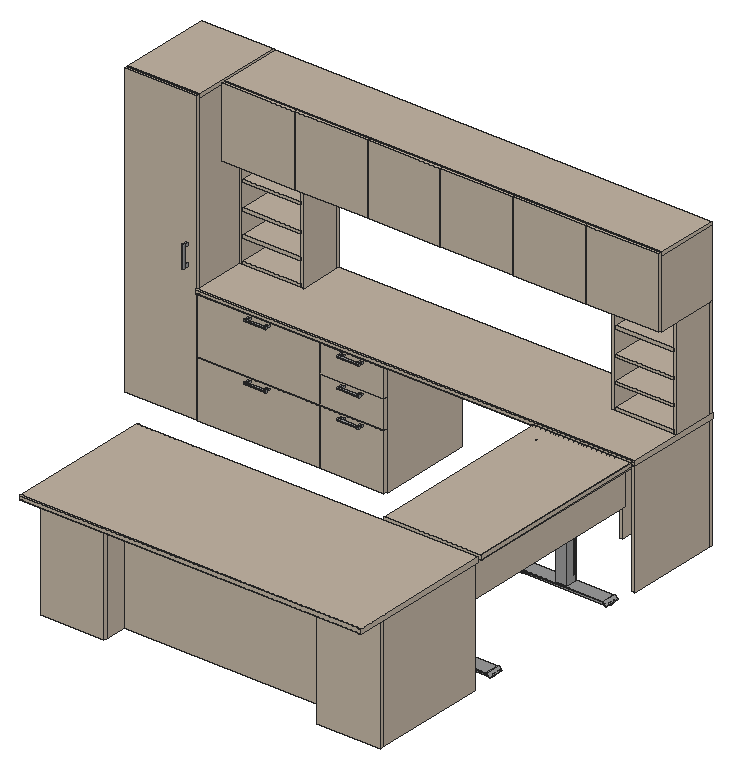
Revit family "JSI-Vision-Typical_Laminate-VST106", category Furniture, Revit 2020 (continued)
Definition of nested family "JSI-Vision-Wardrobe"
  Definition of nested family "Label 1-16 OH"
    Text (in)
      label "XX" at (0.00051, -0.12324, 0), shows "Model Name"
Definition of nested family "JSI-Vision-Modular_Lateral_File_Pedestal"
  Parameters (values of type "Modular Lat F Ped - Type Catalog Family")
    URL = "www.jsifurniture.com"
    Tag = "Lat File"
    Series = "Vision Casegoods"  # constant formula
    Pull Finish = none
    Ped Width = 30"
    Ped Height = 28"
    Model = "Type Catalog"
    Manufacturer = "JSI"  # constant formula
    Keynote = "12500"  # constant formula
    JSI Enviromental website = "http://www.jsifurniture.com/jsi_sustainability_intro.php"
    Description = "Type Catalog"
    Default Elevation = 0"
    Chassis = none
    Ped Depth = 20"
    Grommet Finish = none
    Drawer Front = none
    Assembly Code = "E2020200"
  Reference planes (in)
    plane 1 "Center Front/Back": y = 0
    plane 2: z = 0
    plane 3 "Center Left/Right": x = 0
    plane 4: x = 0.125
    plane 5: x = 30.125
    plane 6: x = 30.25
    plane 7: y = -18.9795
    plane 8: y = -0.1875
    plane 9: y = -19.1095
    plane 10: x = 0.18716
    plane 11: x = 30.06243
    plane 12: y = -19.8595
    plane 13: z = 0.125
    plane 14: z = 13.9375
    plane 15: z = 14.0625
    plane 16: z = 27.8755
    plane 17: z = 28
    plane 18: x = 0.875
    plane 19: x = 29.376
    plane 20: y = -0.9375
    plane 21: y = -18.23863
    plane 22: z = 13.18724
    plane 23: z = 27.12492
    plane 24: z = 26.5625
    plane 25: x = 15.125
    plane 26: y = -20
    plane 27: y = -9.80266
    plane 28: y = -14.80266
    plane 29: z = 27.1875
  Forms (in)
    Extrusion 1, solid, material <- "Chassis"
      sketch origin (0.125, -0.1875, 48) x (0, 1, 0) y (0, 0, 1)
        loop
          line (0, -20) -> (-18.792, -20) -> (-18.792, -48) -> (0, -48) -> (0, -20)
      from 0 to 0.75
    Extrusion 2, solid, material <- "Chassis"
      sketch origin (30.125, -0.1875, 48) x (0, 1, 0) y (0, 0, 1)
        loop
          line (0, -20) -> (-18.792, -20) -> (-18.792, -48) -> (0, -48) -> (0, -20)
      from -0.749 to 0
    Extrusion 3, solid, material <- "Drawer Front"
      sketch origin (0, 0, 0) x (1, 0, 0) y (0, 0, 1)
        loop
          line (0.18716, 27.8755) -> (0.18716, 14.0625) -> (30.06243, 14.0625) -> (30.06243, 27.8755) -> (0.18716, 27.8755)
        loop
          line (0.18716, 13.9375) -> (0.18716, 0.125) -> (30.06243, 0.125) -> (30.06243, 13.9375) -> (0.18716, 13.9375)
      from 19.1095 to 19.8595
    Extrusion 4, solid, material <- "Chassis"
      sketch origin (0, 0, 0) x (1, 0, 0) y (0, 1, 0)
        loop
          line (0.875, -18.9795) -> (29.376, -18.9795) -> (29.376, -15.9795) -> (0.875, -15.9795) -> (0.875, -18.9795)
      from 0 to 1.1875
    Extrusion 5, solid, material <- "Chassis"
      sketch origin (0, 0, 0) x (0, 1, 0) y (0, 0, 1)
        loop
          line (-9.80266, 27.1875) -> (-9.80266, 27.8755) -> (-14.80266, 27.8755) -> (-14.80266, 27.1875) -> (-9.80266, 27.1875)
      from 0.875 to 29.376
    Extrusion 6, solid, material <- "Chassis"
      sketch origin (0, 0, 0) x (0, 1, 0) y (0, 0, 1)
        loop
          line (-0.1875, 28) -> (-0.6875, 28) -> (-0.6875, 23) -> (-0.1875, 23) -> (-0.1875, 28)
        loop
          line (-0.6875, 0) -> (-0.1875, 0) -> (-0.1875, 5) -> (-0.6875, 5) -> (-0.6875, 0)
      from 0.875 to 29.376
  Lines and regions (in)
    symbolic lines
      curve 1: line (0.125, -18.9795, 0) -> (0.125, -0.1875, 0)
      curve 2: line (30.125, -0.1875, 0) -> (30.125, -18.9795, 0)
      curve 3: line (0.18716, -19.1095, 0) -> (30.06243, -19.1095, 0)
      curve 4: line (0.18716, -19.8595, 0) -> (0.18716, -19.1095, 0)
      curve 5: line (30.06243, -19.8595, 0) -> (0.18716, -19.8595, 0)
      curve 6: line (30.06243, -19.1095, 0) -> (30.06243, -19.8595, 0)
      curve 7: line (0.875, -0.9375, 0) -> (0.875, -18.9795, 0)
      curve 8: line (0.125, -18.9795, 0) -> (0.875, -18.9795, 0)
      curve 9: line (29.376, -0.1875, 0) -> (29.376, -18.9795, 0)
      curve 10: line (29.376, -18.9795, 0) -> (30.125, -18.9795, 0)
      curve 11: line (0.125, -0.1875, 0) -> (0.875, -0.1875, 0)
      curve 12: line (29.376, -0.1875, 0) -> (30.125, -0.1875, 0)
      curve 13: line (29.376, -0.1875, 0) -> (0.875, -0.1875, 0)
      curve 14: line (0.875, -0.6875, 0) -> (29.376, -0.6875, 0)
  Dimensions and locks (in)
    plane 3 "Center Left/Right" to plane 4 = 1/8"
    locked: plane 5 to plane 6 at 0.125
    "Ped Width": plane 4 to plane 5
    locked: plane 1 "Center Front/Back" to plane 8 at 0.1875
    "Ped Height": plane 17 to level
    locked: plane 8 to plane 20 at 0.75
    plane 21 to plane 7 to plane 9 to plane 12 = 0.74087" locked, 0.13" locked, 3/4" locked
    plane 4 to plane 10 to plane 18 = 0.06216" locked, 0.68784" locked
    plane 19 to plane 11 to plane 5 = 0.68644" locked, 0.06257" locked
    locked: plane 17 to plane 24 at 1.4375
    plane 3 "Center Left/Right" to plane 25 to plane 6 = 15 1/8", 15 1/8"
    "Ped Depth": plane 26 to plane 1 "Center Front/Back"
    locked: plane 12 to plane 26 at 0.1405
    plane 27 to plane 28 to plane 26 = 5" locked, 5.19734" locked
    locked: plane 2 to Extrusion 6 sketch curve at 5
    locked: plane 8 to Extrusion 6 sketch curve at 0.5  (x2)
    locked: plane 17 to Extrusion 6 sketch curve at 5
    plane 17 to plane 23 to plane 15 to plane 14 to plane 22 to plane 13 to plane 2 = 0.87508" locked, 13.06242" locked, 1/8" locked, 0.75026" locked, 13.06224" locked, 1/8" locked
    locked: Extrusion 4 sketch curve to plane 7 at 3
    aligned and locked: level to plane 2
    aligned and locked: Extrusion 1 sketch curve to plane 7
    aligned and locked: Extrusion 1 sketch curve to level
    aligned and locked: Extrusion 2 sketch curve to plane 17
    aligned and locked: level to Extrusion 2 sketch curve
    aligned and locked: plane 7 to Extrusion 2 sketch curve
    aligned and locked: Extrusion 3 sketch curve to plane 16
    aligned and locked: Extrusion 3 sketch curve to plane 10  (x2)
    aligned and locked: plane 11 to Extrusion 3 sketch curve  (x2)
    aligned and locked: plane 15 to Extrusion 3 sketch curve
    aligned and locked: Extrusion 3 sketch curve to plane 14
    aligned and locked: plane 13 to Extrusion 3 sketch curve
    aligned and locked: Extrusion 3 to plane 12
    aligned and locked: plane 9 to Extrusion 3
    aligned and locked: plane 18 to Extrusion 4 sketch curve
    aligned and locked: plane 12 to nested 2
    aligned and locked: plane 12 to nested 1
    aligned and locked: plane 27 to Extrusion 5 sketch curve
    aligned and locked: Extrusion 5 sketch curve to plane 29
    aligned and locked: Extrusion 5 sketch curve to plane 28
    aligned and locked: plane 16 to Extrusion 5 sketch curve
    aligned and locked: Extrusion 5 to plane 18
    aligned and locked: plane 19 to Extrusion 5
    aligned and locked: nested 3 to plane 25
    aligned and locked: nested 3 to plane 26
    aligned and locked: plane 8 to Extrusion 1
    aligned and locked: plane 8 to Extrusion 2
    aligned and locked: curve 11 to plane 8
    aligned and locked: Extrusion 6 sketch curve to plane 8  (x2)
    aligned and locked: Extrusion 6 sketch curve to plane 17
    aligned and locked: plane 2 to Extrusion 6 sketch curve
    aligned and locked: Extrusion 6 to plane 18
    aligned and locked: plane 19 to Extrusion 6
    aligned and locked: curve 13 to Extrusion 6
    aligned and locked: curve 14 to Extrusion 6
    aligned and locked: nested 2 to plane 25
    aligned and locked: nested 1 to plane 25
  Automatic sketch dimensions
    Extrusion 1 sketch curve to plane 17 = 0"
    plane 20 to Extrusion 1 sketch curve = 3/4"
    plane 20 to Extrusion 2 sketch curve = 3/4"
    curve 1 to plane 4 = 0"
    curve 3 to plane 9 = 0"
    curve 3 to plane 10 = 0"
    curve 8 to plane 7 = 0"
    curve 8 to plane 18 = 0"
    curve 11 to plane 18 = 0"
    curve 9 to plane 7 = 0"
    curve 9 to plane 19 = 0"
    curve 3 to plane 11 = 0"
    curve 12 to plane 5 = 0"
    curve 5 to plane 12 = 0"
    curve 7 to plane 20 = 0"
    curve 14 to plane 18 = 0"
    Extrusion 4 sketch curve to plane 7 = 0"
    Extrusion 4 sketch curve to plane 19 = 0"
  Nested families (in)
    nested 1: "Bar Pull" at (15.125, -19.8595, 13.18724) x (-1, 0, 0) z (0, 0, 1), Pull Finish <- "Pull Finish", type "PL"
      with Pull Finish none
    nested 2: "Bar Pull" at (15.125, -19.8595, 27.12492) x (-1, 0, 0) z (0, 0, 1), Pull Finish <- "Pull Finish", type "PL"
      with Pull Finish none
    nested 3: "Label 1-16" at (15.125, -20, 0), type "DRWCFG"
  Definition of nested family "Bar Pull"
    Parameters
      Pull Finish [instance] = none
      Default Elevation = 0"
    Reference planes (in)
      plane 1 "Center Front/Back": y = 0
      plane 2: z = 0
      plane 3 "Center Left/Right": x = 0
      plane 4: x = -2.68731
      plane 5: x = -1.88731
      plane 6: x = 2.68731
      plane 7: x = 1.88731
      plane 8: y = -1
      plane 9: y = -0.85202
    Forms (in)
      Extrusion 1, solid, material <- "Pull Finish"
        sketch origin (0, 0, 0) x (0, 1, 0) y (0, 0, 1)
          loop
            line (0, -0.2015) -> (0, 0.2015) -> (-0.85202, 0.2015)
            arc (-0.85202, 0.2015) -> (-0.75, 0) -> (-0.85202, -0.2015) r 0.25
            line (-0.85202, -0.2015) -> (0, -0.2015)
        from 1.88731 to 2.68731
      Extrusion 2, solid, material <- "Pull Finish"
        sketch origin (0, 0, 0) x (0, 1, 0) y (0, 0, 1)
          loop
            circle (-1, 0) r 0.25
        from -2.68731 to 2.68731
      Extrusion 3, solid, material <- "Pull Finish"
        sketch origin (0, 0, 0) x (0, 1, 0) y (0, 0, -1)
          loop
            line (0, 0.2015) -> (-0.85202, 0.2015)
            arc (-0.85202, 0.2015) -> (-0.75, 0) -> (-0.85202, -0.2015) r 0.25
            line (-0.85202, -0.2015) -> (0, -0.2015) -> (0, 0.2015)
        from 1.88731 to 2.68731
    Dimensions and locks (in)
      plane 4 to plane 5 to plane 3 "Center Left/Right" to plane 7 to plane 6 = 0.8" locked, 1.88731" locked, 1.88731" locked, 0.8" locked
      plane 8 to plane 9 to plane 1 "Center Front/Back" = 0.14798" locked, 0.85202" locked
      aligned and locked: level to plane 2
      aligned and locked: plane 4 to Extrusion 3
      aligned and locked: Extrusion 3 to plane 5
      aligned and locked: plane 4 to Extrusion 2
      aligned and locked: Extrusion 1 to plane 7
      aligned and locked: plane 6 to Extrusion 1
      aligned and locked: plane 6 to Extrusion 2
      aligned and locked: plane 8 to Extrusion 2 sketch curve
      aligned and locked: Extrusion 3 to plane 1 "Center Front/Back"
      aligned and locked: Extrusion 1 to plane 1 "Center Front/Back"
      aligned and locked: plane 5 to Extrusion 3
      aligned and locked: Extrusion 3 to plane 4
      aligned and locked: Extrusion 2 to plane 4
      aligned and locked: plane 7 to Extrusion 1
      aligned and locked: Extrusion 1 to plane 6
      aligned and locked: Extrusion 2 to plane 6
  Definition of nested family "Label 1-16"
    Parameters
      Width = 1"
      Model Name = "2 Drw - 2 Drs"
    Reference planes (in)
      plane 1: y = 0
      plane 2: x = 0
    Text (in)
      label "XX" at (0.00051, -0.12324, 0), shows "Model Name"
Definition of nested family "JSI-Vision-Single_Pedestal_Desk-Break_Front_Modesty"
  Parameters (values of type "Sngl Ped Desk, Brk Frnt Mod - Type Catalog Family")
    Worksurface = none
    Width = 66"
    URL = "www.jsifurniture.com"
    Type Comments = ""
    Series = "Vision Casegoods"  # constant formula
    Pull Finish = none
    Panel BBF = if(LR, 15", Width - 15 3/4")  # 15"
    Model = "Type Catalog"
    Material = ""
    Manufacturer = "JSI"  # constant formula
    LR = yes
    Keynote = "12500"
    JSI Enviromental Website = "http://www.jsifurniture.com/jsi_sustainability_intro.php"
    Height = 29 3/16"
    Grommet angle = if(LR, 90.00°, 270.00°)  # 90.00°
    Grommet Finish = none
    Panel FF = if(LR, Width - 15 3/4", 15")  # 50 1/4"
    Grommet = if(LR, 14 1/2", Width - 15 49/128")  # 14 1/2"
    Drawer Front = none
    Description = "Type Catalog"
    Depth chassis = 30"  # constant formula
    Depth = 30"
    Default Elevation = 0"
    Chassis = none
    BBF = if(LR, 3/16", Width - 15 3/4")  # 3/16"
    Assembly Code = "E2020200"
  Reference planes (in)
    plane 1: z = 0
    plane 2 "Center (Left/Right)": x = -36.06413
    plane 3: z = 29.1875
    plane 4: z = 28
    plane 5: y = -19.25
    plane 6 "Center (Front/Back)": y = 10.75
    plane 7: y = 10.625
    plane 8: y = 10.75
    plane 9: x = -3.06413
    plane 10: x = 29.93587
    plane 11: y = 10.56003
    plane 12: x = -20.31413
    plane 13: x = 14.18587
    plane 14: y = -18.37
    plane 15: x = 21.93587
    plane 16: x = -28.12663
    plane 17: x = 29.81086
    plane 18: x = -35.93913
    plane 19: y = 3.55952
    plane 20: y = -0.44048
    plane 21: y = 4.56363
    plane 22: y = -18.31113
    plane 23: x = 14.18587
    plane 24: x = -35.87663
    plane 25: x = -20.37636
    plane 26: x = 29.68487
    plane 27: x = -21.56413
  Forms (in)
    Extrusion 1, solid, material <- "Worksurface"
      sketch origin (0, 0, -0.8125) x (1, 0, 0) y (0, 1, 0)
        loop
          line (-36.06413, -19.125) -> (29.93587, -19.125) -> (29.93587, 10.625) -> (-36.06413, 10.625) -> (-36.06413, -19.125)
      from 28.8125 to 30
    Extrusion 2, solid, material <- "Chassis"
      sketch origin (0, 3.75, 0) x (1, 0, 0) y (0, 1, 0)
        loop
          line (-20.31413, 0.81363) -> (-20.31413, 0.06363) -> (14.18587, 0.06363) -> (14.18587, 0.81363) -> (-20.31413, 0.81363)
      from 0 to 28
    Extrusion 3, solid, material <- "Drawer Front"
      sketch origin (-0.00163, 0.13, 0) x (1, 0, 0) y (0, 0, 1)
        loop
          line (-35.875, 27.89092) -> (-35.875, 21.04768) -> (-20.37473, 21.04768) -> (-20.37473, 27.89092) -> (-35.875, 27.89092)
        loop
          line (-35.875, 20.92218) -> (-35.875, 14.07843) -> (-20.37473, 14.07843) -> (-20.37473, 20.92218) -> (-35.875, 20.92218)
        loop
          line (-35.875, 13.95343) -> (-35.875, 0.14093) -> (-20.37473, 0.14093) -> (-20.37473, 13.95343) -> (-35.875, 13.95343)
      from 18.5 to 19.25
    Extrusion 4, solid, material <- "Chassis"
      sketch origin (-0.06413, 0, 0) x (0, 1, 0) y (0, 0, 1)
        loop
          line (-18.31113, 28) -> (-18.31113, 0) -> (9.81003, 0) -> (9.81003, 28) -> (-18.31113, 28)
      from -35.875 to -35.125
    Extrusion 5, solid, material <- "Chassis"
      sketch origin (-0.06413, 0.034, 0) x (1, 0, 0) y (0, 0, 1)
        loop
          line (-35.125, 1.9375) -> (-35.125, 0) -> (-21, 0) -> (-21, 1.9375) -> (-35.125, 1.9375)
      from 17.59513 to 18.34513
    Extrusion 6, solid, material <- "Chassis"
      sketch origin (-0.06029, 0, 0) x (0, 1, 0) y (0, 0, -1)
        loop
          line (-18.31113, -28) -> (9.81003, -28) -> (9.81003, 0) -> (-18.31113, 0) -> (-18.31113, -28)
      from -29.87116 to -29.12116
    Sweep 7, solid, material <- "Worksurface"
      path in 3D
        loop
          line (-36.06413, -19.125, 29.1875) -> (29.93587, -19.125, 29.1875)
      profile origin (-3.06413, -19.125, 29.1875) x (0, 1, 0) y (0, 0, 1)
        loop
          arc (0, 0) -> (-0.08839, -0.03661) -> (-0.125, -0.125) r 0.125
          line (-0.125, -0.125) -> (-0.125, -1.0625)
          arc (-0.125, -1.0625) -> (-0.08839, -1.15089) -> (0, -1.1875) r 0.125
          line (0, -1.1875) -> (0, 0)
    Extrusion 8, solid, material <- "Chassis"
      sketch origin (-0.06413, 28.15516, 0) x (1, 0, 0) y (0, 0, 1)
        loop
          line (-35.875, 28) -> (-35.875, 0) -> (-20.25, 0) -> (-20.25, 28) -> (-35.875, 28)
      from 17.59513 to 18.34513
    Extrusion 9, solid, material <- "Chassis"
      sketch origin (57.45899, 0, 0) x (0, 1, 0) y (0, 0, -1)
        loop
          line (-18.31113, -28) -> (9.81003, -28) -> (9.81003, 0) -> (-18.31113, 0) -> (-18.31113, -28)
      from 77.77312 to 78.52312
    Extrusion 10, solid, material <- "Chassis"
      sketch origin (-0.06413, 28.15516, 0) x (-1, 0, 0) y (0, 0, -1)
        loop
          line (-29.875, -28) -> (-14.25, -28) -> (-14.25, 0) -> (-29.875, 0) -> (-29.875, -28)
      from 17.59513 to 18.34513
    Extrusion 11, solid, material <- "Chassis"
      sketch origin (56.05703, 0, 0) x (0, 1, 0) y (0, 0, 1)
        loop
          line (2.81363, 28) -> (2.81363, 0) -> (9.81003, 0) -> (9.81003, 28) -> (2.81363, 28)
      from -41.87116 to -41.12116
    Sweep 12, solid, material <- "Worksurface"
      path in 3D
        loop
          line (29.93587, 10.625, 29.1875) -> (-36.06413, 10.625, 29.1875)
      profile origin (-3.06413, 10.625, 29.1875) x (0, -1, 0) y (0, 0, 1)
        loop
          arc (0, 0) -> (-0.08839, -0.03661) -> (-0.125, -0.125) r 0.125
          line (-0.125, -0.125) -> (-0.125, -1.0625)
          arc (-0.125, -1.0625) -> (-0.08839, -1.15089) -> (0, -1.1875) r 0.125
          line (0, -1.1875) -> (0, 0)
  Cuts and joins
    joined: Extrusion 1, Sweep 7, Sweep 12
  Lines and regions (in)
    sketch lines
      curve 1: line (-36.06413, -19.125, 29.1875) -> (29.93587, -19.125, 29.1875)
      curve 11: line (29.93587, 10.625, 29.1875) -> (-36.06413, 10.625, 29.1875)
    symbolic lines
      curve 2: line (29.93587, -19.25, 0) -> (-36.06413, -19.25, 0)
      curve 3: line (29.93587, -19.25, 0) -> (29.93587, 10.75, 0)
      curve 4: line (-36.06413, 10.75, 0) -> (-36.06413, -19.25, 0)
      curve 5: line (-20.31413, 10.56003, 0) -> (-35.93913, 10.56003, 0)
      curve 6: line (-20.37636, -18.37, 0) -> (-35.87663, -18.37, 0)
      curve 7: line (-20.37636, -19.12, 0) -> (-20.37636, -18.37, 0)
      curve 8: line (-35.87663, -19.12, 0) -> (-20.37636, -19.12, 0)
      curve 9: line (-35.87663, -18.37, 0) -> (-35.87663, -19.12, 0)
      curve 10: line (-35.93913, 10.56003, 0) -> (-35.93913, -18.31113, 0)
      curve 12: line (29.81086, -18.31113, 0) -> (29.81086, 10.56003, 0)
      curve 13: line (29.81086, 10.56003, 0) -> (14.18587, 10.56003, 0)
      curve 14: line (29.06086, -18.31113, 0) -> (29.81086, -18.31113, 0)
      curve 15: line (29.06086, 9.81003, 0) -> (29.06086, -18.31113, 0)
      curve 16: line (14.18587, 9.81003, 0) -> (29.81086, 9.81003, 0)
      curve 17: line (14.18587, 10.56003, 0) -> (14.18587, 9.81003, 0)
      curve 18: line (14.93587, 2.81363, 0) -> (14.93587, 9.81003, 0)
      curve 19: line (14.18587, 9.81003, 0) -> (14.18587, 2.81363, 0)
      curve 20: line (14.18587, 2.81363, 0) -> (14.93587, 2.81363, 0)
      curve 21: line (-35.18913, -18.31113, 0) -> (-35.18913, 9.81003, 0)
      curve 22: line (-35.93913, -18.31113, 0) -> (-35.18913, -18.31113, 0)
      curve 23: line (-35.93913, 9.81003, 0) -> (-20.31413, 9.81003, 0)
      curve 24: line (-20.31413, 9.81003, 0) -> (-20.31413, 10.56003, 0)
      curve 25: line (-36.06413, 10.75, 0) -> (29.93587, 10.75, 0)
      curve 26: line (-21.06413, 9.81003, 0) -> (-21.06413, -18.31113, 0)
      curve 27: line (-20.31413, -18.31113, 0) -> (-20.31413, 9.81003, 0)
      curve 28: line (-21.06413, -18.31113, 0) -> (-20.31413, -18.31113, 0)
      curve 29: line (14.18587, 4.56363, 0) -> (-20.31413, 4.56363, 0)
      curve 30: line (-20.31413, 3.81363, 0) -> (14.18587, 3.81363, 0)
      curve 31: line (-20.31413, 4.56363, 0) -> (-20.31413, 3.81363, 0)
      curve 32: line (14.18587, 3.81363, 0) -> (14.18587, 4.56363, 0)
  Dimensions and locks (in)
    "Height": plane 3 to level
    locked: plane 3 to plane 4 at 1.1875
    "Depth": plane 6 "Center (Front/Back)" to plane 5
    locked: plane 7 to plane 6 "Center (Front/Back)" at 0.125
    equal spacing: plane 2 "Center (Left/Right)", plane 9, plane 10
    "Width": plane 2 "Center (Left/Right)" to plane 10
    locked: plane 8 to plane 11 at 0.18997
    "Depth chassis": plane 8 to plane 5
    locked: plane 2 "Center (Left/Right)" to plane 12 at 15.75
    locked: plane 13 to plane 10 at 15.75
    locked: Extrusion 5 to plane 14 at 0.80887
    locked: plane 14 to plane 5 at 0.88
    locked: plane 17 to plane 10 at 0.125
    locked: Extrusion 6 to Extrusion 6 at 0.75
    locked: Extrusion 4 to Extrusion 4 at 0.75
    locked: plane 19 to plane 20 at 4
    locked: Extrusion 2 to Extrusion 2 at 0.75
    plane 22 to plane 5 = 0.93887"
    plane 8 to plane 21 = 6.18637"
    "Panel FF": plane 2 "Center (Left/Right)" to plane 23
    locked: plane 23 to plane 15 at 7.75
    "BBF": plane 2 "Center (Left/Right)" to plane 24
    locked: Extrusion 5 to Extrusion 5 at 0.75
    locked: plane 24 to plane 16 at 7.75
    locked: Extrusion 3 to Extrusion 3 at 0.75
    locked: plane 8 to plane 20 at 11.19048
    locked: Extrusion 8 to Extrusion 8 at 0.75
    Extrusion 9 to Extrusion 9 = 3/4"
    locked: Extrusion 10 to Extrusion 10 at 0.75
    locked: plane 24 to plane 25 at 15.50027
    locked: plane 23 to plane 26 at 15.499
    locked: Extrusion 11 to plane 21 at 1.75
    plane 24 to Extrusion 5 to Extrusion 5 = 11/16" locked, 14 1/8" locked
    "Panel FF": plane 2 "Center (Left/Right)" to Extrusion 11
    "Panel BBF": plane 2 "Center (Left/Right)" to Extrusion 9
    locked: Extrusion 9 to Extrusion 9 at 0.75
    "Grommet": plane 2 "Center (Left/Right)" to plane 27
    locked: Extrusion 11 to Extrusion 11 at 0.75
    plane 19 to plane 20 = 4"
    aligned and locked: level to plane 1
    aligned and locked: curve 4 to Extrusion 1
    aligned and locked: Extrusion 4 to Extrusion 5
    aligned and locked: Extrusion 5 to Extrusion 2
    aligned and locked: Extrusion 2 to Extrusion 6
    aligned and locked: plane 17 to Extrusion 6
    aligned and locked: Extrusion 4 to plane 18
    aligned and locked: plane 21 to Extrusion 2
    aligned and locked: plane 14 to Extrusion 3
    aligned and locked: Extrusion 6 to plane 22
    aligned and locked: Extrusion 5 to plane 22
    aligned and locked: Extrusion 4 to plane 22
    aligned and locked: Extrusion 5 to level
    aligned and locked: nested 3 to plane 16
    aligned and locked: nested 2 to plane 16
    aligned and locked: nested 1 to plane 16
    aligned and locked: Extrusion 3 to nested 3
    aligned and locked: Extrusion 3 to nested 2
    aligned and locked: Extrusion 3 to nested 1
    aligned and locked: Extrusion 3 to plane 24  (x3)
    aligned and locked: Extrusion 8 to plane 12
    aligned and locked: plane 4 to Extrusion 8
    aligned and locked: Extrusion 8 to plane 18
    aligned and locked: plane 18 to Extrusion 4
    aligned and locked: plane 11 to Extrusion 8
    aligned and locked: plane 22 to Extrusion 5
    aligned and locked: Extrusion 9 to plane 22
    aligned and locked: plane 12 to Extrusion 2
    aligned and locked: plane 13 to Extrusion 2
    aligned and locked: Extrusion 10 to plane 13
    aligned and locked: plane 17 to Extrusion 10
    aligned and locked: Extrusion 6 to plane 17
    aligned and locked: plane 25 to Extrusion 3  (x3)
    aligned and locked: curve 5 to Extrusion 8
    aligned and locked: curve 6 to Extrusion 3
    aligned and locked: curve 7 to Extrusion 3
    aligned and locked: curve 8 to Extrusion 3
    aligned and locked: curve 9 to Extrusion 3
    aligned and locked: curve 10 to Extrusion 4
    aligned and locked: Extrusion 1 to plane 7
    aligned and locked: plane 11 to Extrusion 10
    aligned and locked: Extrusion 6 to curve 12
    aligned and locked: curve 13 to Extrusion 10
    aligned and locked: curve 14 to Extrusion 6
    aligned and locked: Extrusion 6 to curve 15
    aligned and locked: curve 16 to Extrusion 10
    aligned and locked: curve 17 to Extrusion 10
    aligned and locked: curve 18 to Extrusion 11
    aligned and locked: curve 19 to Extrusion 11
    aligned and locked: curve 20 to Extrusion 11
    aligned and locked: curve 21 to Extrusion 4
    aligned and locked: Extrusion 4 to curve 22
    aligned and locked: curve 23 to Extrusion 8
    aligned and locked: curve 24 to Extrusion 8
    aligned and locked: curve 4 to cut or joined group of Extrusion 1, Sweep 7, Sweep 12
    aligned and locked: curve 3 to cut or joined group of Extrusion 1, Sweep 7, Sweep 12
    aligned and locked: curve 25 to cut or joined group of Extrusion 1, Sweep 7, Sweep 12
    aligned and locked: Extrusion 9 to curve 26
    aligned and locked: curve 27 to Extrusion 9
    aligned and locked: curve 28 to Extrusion 9
    aligned and locked: nested 4 to plane 5
    aligned and locked: nested 4 to plane 16
    aligned and locked: curve 29 to Extrusion 2
    aligned and locked: curve 30 to Extrusion 2
    aligned and locked: curve 31 to Extrusion 2
    aligned and locked: curve 32 to Extrusion 2
    aligned and locked: Extrusion 4 to Extrusion 8
    aligned and locked: Extrusion 6 to Extrusion 8
    aligned and locked: Extrusion 9 to Extrusion 8
  Automatic sketch dimensions
    curve 23 to plane 18 = 0"
    curve 6 to plane 14 = 0"
    curve 6 to plane 24 = 0"
    curve 22 to plane 22 = 0"
    curve 26 to plane 22 = 0"
    curve 7 to plane 25 = 0"
    curve 5 to plane 11 = 0"
    curve 5 to plane 12 = 0"
    curve 31 to plane 12 = 0"
    curve 19 to plane 23 = 0"
    curve 13 to plane 11 = 0"
    curve 13 to plane 13 = 0"
    curve 32 to plane 13 = 0"
    curve 15 to plane 22 = 0"
    curve 14 to plane 17 = 0"
    curve 2 to plane 5 = 0"
    curve 31 to plane 21 = 0"
    plane 24 to curve 22 = 11/16"
    curve 26 to plane 27 = 1/2"
    plane 12 to curve 28 = 0"
    plane 13 to curve 18 = 3/4"
    curve 15 to plane 26 = 0.624"
    plane 5 to curve 8 = 0.13"
    curve 20 to plane 19 = 0.7459"
    plane 19 to curve 30 = 0.2541"
    curve 17 to plane 11 = 3/4"
    curve 27 to curve 23 = 0"
    Extrusion 1 sketch curve to plane 2 "Center (Left/Right)" = 0"
    Extrusion 1 sketch curve to plane 10 = 0"
    plane 7 to Extrusion 1 sketch curve = 0"
    plane 5 to Extrusion 1 sketch curve = 1/8"
    Extrusion 2 sketch curve to plane 12 = 0"
    Extrusion 2 sketch curve to plane 13 = 0"
    Extrusion 2 sketch curve to plane 21 = 0"
    plane 19 to Extrusion 2 sketch curve = 0.2541"
    Extrusion 3 sketch curve to plane 24 = 0"  (x3)
    Extrusion 3 sketch curve to plane 25 = 0"  (x3)
    level to Extrusion 3 sketch curve = 0.14093"
    Extrusion 3 sketch curve to Extrusion 3 sketch curve = 13 13/16"
    Extrusion 3 sketch curve to Extrusion 3 sketch curve = 1/8"
    Extrusion 3 sketch curve to Extrusion 3 sketch curve = 6 27/32"
    Extrusion 3 sketch curve to Extrusion 3 sketch curve = 0.1255"
    Extrusion 3 sketch curve to plane 4 = 0.10907"
    Extrusion 4 sketch curve to plane 4 = 0"
    Extrusion 4 sketch curve to plane 22 = 0"
    Extrusion 4 sketch curve to level = 0"
    Extrusion 4 sketch curve to plane 11 = 3/4"
    Extrusion 5 sketch curve to level = 0"
    plane 24 to Extrusion 5 sketch curve = 11/16"
    Extrusion 5 sketch curve to plane 27 = 1/2"
    level to Extrusion 5 sketch curve = 1 15/16"
    Extrusion 6 sketch curve to plane 4 = 0"
    Extrusion 6 sketch curve to plane 22 = 0"
    Extrusion 6 sketch curve to level = 0"
    Extrusion 6 sketch curve to plane 11 = 3/4"
    Sweep 7 sketch curve to profile plane = 0"  (x2)
    profile plane to Sweep 7 sketch curve = 1/8"
    Sweep 7 sketch curve to Sweep 7 sketch curve = 15/16"
    Extrusion 8 sketch curve to level = 0"
    plane 18 to Extrusion 8 sketch curve = 0"
    plane 12 to Extrusion 8 sketch curve = 0"
    Extrusion 8 sketch curve to plane 4 = 0"
    Extrusion 9 sketch curve to plane 4 = 0"
    Extrusion 9 sketch curve to plane 22 = 0"
    Extrusion 9 sketch curve to level = 0"
    Extrusion 9 sketch curve to plane 11 = 3/4"
    Extrusion 10 sketch curve to level = 0"
    Extrusion 10 sketch curve to plane 17 = 0"
    Extrusion 10 sketch curve to plane 13 = 0"
    Extrusion 10 sketch curve to plane 4 = 0"
    Extrusion 11 sketch curve to plane 4 = 0"
    Extrusion 11 sketch curve to level = 0"
    Extrusion 11 sketch curve to plane 19 = 0.7459"
    Extrusion 11 sketch curve to plane 11 = 3/4"
    Sweep 12 sketch curve to profile plane = 0"  (x2)
    profile plane to Sweep 12 sketch curve = 1/8"
    Sweep 12 sketch curve to Sweep 12 sketch curve = 15/16"
  Nested families (in)
    nested 1: "Bar Pull" at (-28.12663, -19.12, 13.20292), Pull Finish <- "Pull Finish", type "PL"
      with Pull Finish none
    nested 2: "Bar Pull" at (-28.12663, -19.12, 20.171), Pull Finish <- "Pull Finish", type "PL"
      with Pull Finish none
    nested 3: "Bar Pull" at (-28.12663, -19.12, 27.14116), Pull Finish <- "Pull Finish", type "PL"
      with Pull Finish none
    nested 4: "Label 1-16-1" at (-28.12663, -19.25, 0), type "DRWCFG"
  Definition of nested family "Bar Pull"
    Parameters
      Pull Finish [instance] = none
      Default Elevation = 0"
    Reference planes (in)
      plane 1 "Center Front/Back": y = 0
      plane 2: z = 0
      plane 3 "Center Left/Right": x = 0
      plane 4: x = -2.68731
      plane 5: x = -1.88731
      plane 6: x = 2.68731
      plane 7: x = 1.88731
      plane 8: y = -1
      plane 9: y = -0.85202
    Forms (in)
      Extrusion 1, solid, material <- "Pull Finish"
        sketch origin (0, 0, 0) x (0, 1, 0) y (0, 0, 1)
          loop
            line (0, -0.2015) -> (0, 0.2015) -> (-0.85202, 0.2015)
            arc (-0.85202, 0.2015) -> (-0.75, 0) -> (-0.85202, -0.2015) r 0.25
            line (-0.85202, -0.2015) -> (0, -0.2015)
        from 1.88731 to 2.68731
      Extrusion 2, solid, material <- "Pull Finish"
        sketch origin (0, 0, 0) x (0, 1, 0) y (0, 0, 1)
          loop
            circle (-1, 0) r 0.25
        from -2.68731 to 2.68731
      Extrusion 3, solid, material <- "Pull Finish"
        sketch origin (0, 0, 0) x (0, 1, 0) y (0, 0, -1)
          loop
            line (0, 0.2015) -> (-0.85202, 0.2015)
            arc (-0.85202, 0.2015) -> (-0.75, 0) -> (-0.85202, -0.2015) r 0.25
            line (-0.85202, -0.2015) -> (0, -0.2015) -> (0, 0.2015)
        from 1.88731 to 2.68731
    Dimensions and locks (in)
      plane 4 to plane 5 to plane 3 "Center Left/Right" to plane 7 to plane 6 = 0.8" locked, 1.88731" locked, 1.88731" locked, 0.8" locked
      plane 8 to plane 9 to plane 1 "Center Front/Back" = 0.14798" locked, 0.85202" locked
      aligned and locked: level to plane 2
      aligned and locked: plane 4 to Extrusion 3
      aligned and locked: Extrusion 3 to plane 5
      aligned and locked: plane 4 to Extrusion 2
      aligned and locked: Extrusion 1 to plane 7
      aligned and locked: plane 6 to Extrusion 1
      aligned and locked: plane 6 to Extrusion 2
      aligned and locked: plane 8 to Extrusion 2 sketch curve
      aligned and locked: Extrusion 3 to plane 1 "Center Front/Back"
      aligned and locked: Extrusion 1 to plane 1 "Center Front/Back"
      aligned and locked: plane 5 to Extrusion 3
      aligned and locked: Extrusion 3 to plane 4
      aligned and locked: Extrusion 2 to plane 4
      aligned and locked: plane 7 to Extrusion 1
      aligned and locked: Extrusion 1 to plane 6
      aligned and locked: Extrusion 2 to plane 6
  Definition of nested family "Label 1-16-1"
    Parameters
      Width = 1"
      Model Name = "BBF"
    Reference planes (in)
      plane 1: y = 0
      plane 2: x = 0
    Text (in)
      label "XX" at (0.00051, -0.12324, 0), shows "Model Name"
Definition of nested family "JSI-Vision-Adjustable_Table_Height_Bridge-Standard_Range"
  Parameters (values of type "VST2446AHB-S - Adjustable Height Table Standard Range 46"W x 24"D")
    Width = 46"
    Upper Leg Finish = none
    URL = "www.jsifurniture.com"
    Type Comments = ""
    Top Finish = none
    Support Finish = none
    Series = "Vision Casegoods"  # constant formula
    Low Leg Finish = none
    Model = "VST2446AHB-S"
    Material = ""
    Manufacturer = "JSI"  # constant formula
    Keynote = "12500"  # constant formula
    JSI Enviromental Website = "http://www.jsifurniture.com/jsi_sustainability_intro.php"
    Height = 29 3/16"
    Glide Finish = none
    Feet Finish = none
    Description = "Adjustable Height Table Desk / Bridge Standard Range Laminate, 24”D x 46”W x  30”H"
    Depth = 24"
    Default Elevation = 0"
    Assembly Code = "E2020200"
    Adj Post Finish = none
  Types (2): name | Model | Description
    VST2446AHB-S - Adjustable Height Table Standard Range 46"W x 24"D | "VST2446AHB-S" | "Adjustable Height Table Desk / Bridge Standard Range Laminate, 24”D x 46”W x  30”H"
    VSV2446AHB-S - Adjustable Height Table Standard Range 46"W x 24"D | "VSV2446AHB-S" | "Adjustable Height Table Desk / Bridge Standard Range Veneer, 24”D x 46”W x 30”H"
  Reference planes (in)
    plane 1 "Center Front/Back": y = 0
    plane 2: z = 0
    plane 3 "Center Left/Right": x = 0
    plane 4: z = 29.1875
    plane 5: z = 28
    plane 6: x = 46
    plane 7: y = -24
    plane 8: y = -12
  Forms (in)
    Extrusion 1, solid, material <- "Top Finish"
      sketch origin (0, 0, 0) x (0, 1, 0) y (0, 0, 1)
        loop
          arc (-23.88189, 29.1875) -> (-23.96256, 29.15006) -> (-24, 29.06939) r 0.12937
          line (-24, 29.06939) -> (-24, 28.11811)
          arc (-24, 28.11811) -> (-23.96256, 28.03744) -> (-23.88189, 28) r 0.12937
          line (-23.88189, 28) -> (-23.72106, 28) -> (-0.27894, 28) -> (-0.11811, 28)
          arc (-0.11811, 28) -> (-0.03744, 28.03744) -> (0, 28.11811) r 0.12937
          line (0, 28.11811) -> (0, 29.06939)
          arc (0, 29.06939) -> (-0.03744, 29.15006) -> (-0.11811, 29.1875) r 0.12937
          line (-0.11811, 29.1875) -> (-23.88189, 29.1875)
      from 0 to 46
  Lines and regions (in)
    symbolic lines
      curve 1: line (0, 0, 0) -> (46, 0, 0)
      curve 2: line (0, -24, 0) -> (0, 0, 0)
      curve 3: line (46, -24, 0) -> (0, -24, 0)
      curve 4: line (46, 0, 0) -> (46, -24, 0)
  Dimensions and locks (in)
    "Height": plane 4 to level
    locked: plane 4 to plane 5 at 1.1875
    "Width": plane 3 "Center Left/Right" to plane 6
    "Depth": plane 1 "Center Front/Back" to plane 7
    equal spacing: plane 1 "Center Front/Back", plane 8, plane 7
    aligned and locked: level to plane 2
    aligned and locked: plane 4 to Extrusion 1 sketch curve
    aligned and locked: Extrusion 1 sketch curve to plane 5
    aligned and locked: Extrusion 1 sketch curve to plane 1 "Center Front/Back"
    aligned and locked: Extrusion 1 sketch curve to plane 7
    aligned and locked: Extrusion 1 to plane 3 "Center Left/Right"
    aligned and locked: Extrusion 1 to plane 6
    aligned and locked: plane 7 to curve 3
    aligned and locked: plane 1 "Center Front/Back" to curve 1
    aligned and locked: plane 3 "Center Left/Right" to curve 2
    aligned and locked: plane 6 to curve 4
    aligned and locked: plane 3 "Center Left/Right" to nested 1
    aligned and locked: nested 1 to plane 8
  Automatic sketch dimensions
    plane 7 to Extrusion 1 sketch curve = 0.11811"  (x2)
    Extrusion 1 sketch curve to plane 5 = 0"  (x2)
    plane 7 to Extrusion 1 sketch curve = 33/256"  (x2)
    Extrusion 1 sketch curve to Extrusion 1 sketch curve = 0.16082"
    plane 1 "Center Front/Back" to Extrusion 1 sketch curve = 0.27894"
    plane 1 "Center Front/Back" to Extrusion 1 sketch curve = 33/256"  (x2)
    plane 1 "Center Front/Back" to Extrusion 1 sketch curve = 0.11811"  (x2)
    plane 5 to Extrusion 1 sketch curve = 0.11811"  (x2)
    Extrusion 1 sketch curve to plane 4 = 33/256"  (x2)
  Nested families (in)
    nested 1: "Adj Base Bridge Desk" at (0, -12, 0), W Top <- "Width", Height <- "Height", Adj Post Finish <- "Adj Post Finish", Feet Finish <- "Feet Finish", Glide Finish <- "Glide Finish", Low Leg Finish <- "Low Leg Finish", Support Finish <- "Support Finish", Upper Leg Finish <- "Upper Leg Finish", type "Adj Base Bridge Desk"
      with W Top 46", Upper Leg Finish none, Support Finish none, Low Leg Finish none, Height 29 3/16", Glide Finish none, Feet Finish none, Adj Post Finish none
  Definition of nested family "Adj Base Bridge Desk"
    Parameters (values of type "Adj Base Bridge Desk")
      W Top [instance] = 46"
      Upper Leg Finish [instance] = none
      Support Finish [instance] = none
      Low Leg Finish [instance] = none
      Height [instance] = 30"
      Glide Finish [instance] = none
      Feet Finish [instance] = none
      Default Elevation = 0"
      Adj Post Finish [instance] = none
    Reference planes (in)
      plane 1 "Center (Front/Back)": y = 0
      plane 2: z = 0
      plane 3 "Center (Left/Right)": x = 0
      plane 4: z = 30
      plane 5: x = 46
      plane 6: z = 28.8125
      plane 7: x = 5.09647
      plane 8: x = 40.90353
    Forms (in)
      Extrusion 1, solid, material <- "Support Finish"
        sketch origin (1.67343, 0, 0) x (-1, 0, 0) y (0, 0, 1)
          loop
            line (-1.26389, 26.65894) -> (-1.26389, 28.50935) -> (-9.9253, 28.50935) -> (-9.9253, 28.23435) -> (-9.36321, 28.23435) -> (-8.86302, 26.65894) -> (-1.26389, 26.65894)
          loop
            line (-41.38925, 26.65894) -> (-33.79012, 26.65894) -> (-33.28993, 28.23435) -> (-32.72784, 28.23435) -> (-32.72784, 28.50935) -> (-41.38925, 28.50935) -> (-41.38925, 26.65894)
        from -1.89028 to 1.90897
      Extrusion 2, solid, material <- "Support Finish"
        sketch origin (8.68126, 0, 0) x (0, 1, 0) y (0, 0, 1)
          loop
            arc (2.60827, 27.31644) -> (2.67785, 27.34526) -> (2.70667, 27.41484) r 0.0984
            line (2.70667, 27.41484) -> (2.70667, 28.59931)
            arc (2.70667, 28.59931) -> (2.67882, 28.66654) -> (2.61158, 28.69439) r 0.09508
            line (2.61158, 28.69439) -> (2.01307, 28.69439)
            arc (2.01307, 28.69439) -> (1.94678, 28.66693) -> (1.91932, 28.60064) r 0.09375
            line (1.91932, 28.60064) -> (1.91932, 27.41484)
            arc (1.91932, 27.41484) -> (1.94814, 27.34526) -> (2.01772, 27.31644) r 0.0984
            line (2.01772, 27.31644) -> (2.60827, 27.31644)
          loop
            line (-2.60827, 27.31644) -> (-2.01772, 27.31644)
            arc (-2.01772, 27.31644) -> (-1.94814, 27.34526) -> (-1.91932, 27.41484) r 0.0984
            line (-1.91932, 27.41484) -> (-1.91932, 28.60064)
            arc (-1.91932, 28.60064) -> (-1.94678, 28.66693) -> (-2.01307, 28.69439) r 0.09375
            line (-2.01307, 28.69439) -> (-2.61158, 28.69439)
            arc (-2.61158, 28.69439) -> (-2.67882, 28.66654) -> (-2.70667, 28.59931) r 0.09508
            line (-2.70667, 28.59931) -> (-2.70667, 27.41484)
            arc (-2.70667, 27.41484) -> (-2.67785, 27.34526) -> (-2.60827, 27.31644) r 0.0984
        from -6.06315 to 14.07466
      Extrusion 3, solid, material <- "Support Finish"
        sketch origin (1.70596, 0, 0) x (0, 1, 0) y (0, 0, 1)
          loop
            arc (2.50984, 27.82825) -> (2.59335, 27.86284) -> (2.62794, 27.94635) r 0.1181
            line (2.62794, 27.94635) -> (2.62794, 28.49755)
            arc (2.62794, 28.49755) -> (2.59335, 28.58106) -> (2.50984, 28.61565) r 0.1181
            line (2.50984, 28.61565) -> (2.15551, 28.61565)
            arc (2.15551, 28.61565) -> (2.072, 28.58106) -> (2.03741, 28.49755) r 0.1181
            line (2.03741, 28.49755) -> (2.03741, 27.94635)
            arc (2.03741, 27.94635) -> (2.072, 27.86284) -> (2.15551, 27.82825) r 0.1181
            line (2.15551, 27.82825) -> (2.50984, 27.82825)
          loop
            arc (-2.15551, 27.82825) -> (-2.072, 27.86284) -> (-2.03741, 27.94635) r 0.1181
            line (-2.03741, 27.94635) -> (-2.03741, 28.49755)
            arc (-2.03741, 28.49755) -> (-2.072, 28.58106) -> (-2.15551, 28.61565) r 0.1181
            line (-2.15551, 28.61565) -> (-2.50984, 28.61565)
            arc (-2.50984, 28.61565) -> (-2.59335, 28.58106) -> (-2.62794, 28.49755) r 0.1181
            line (-2.62794, 28.49755) -> (-2.62794, 27.94635)
            arc (-2.62794, 27.94635) -> (-2.59335, 27.86284) -> (-2.50984, 27.82825) r 0.1181
            line (-2.50984, 27.82825) -> (-2.15551, 27.82825)
        from 3.18381 to 39.40428
      Extrusion 4, solid, material <- "Feet Finish"
        sketch origin (3.34686, 0, 0) x (0, 1, 0) y (0, 0, 1)
          loop
            line (10.52318, 1.16069) -> (-10.52318, 1.16069)
            arc (-10.52318, 1.16069) -> (-10.60868, 1.14561) -> (-10.68388, 1.1022) r 0.25
            line (-10.68388, 1.1022) -> (-11.48879, 0.4268) -> (-11.40022, 0.32124) -> (-10.59879, 0.99371)
            arc (-10.59879, 0.99371) -> (-10.56128, 1.01537) -> (-10.51862, 1.02289) r 0.12472
            line (-10.51862, 1.02289) -> (10.51852, 1.02289)
            arc (10.51852, 1.02289) -> (10.56128, 1.01536) -> (10.59887, 0.99365) r 0.125
            line (10.59887, 0.99365) -> (11.40022, 0.32124) -> (11.48879, 0.4268) -> (10.68388, 1.1022)
            arc (10.68388, 1.1022) -> (10.60869, 1.14561) -> (10.52318, 1.16069) r 0.25
        from -0.06142 to 3.56063
      Extrusion 5, solid, material <- "Feet Finish"
        sketch origin (3.34686, 0, 0) x (0, 1, 0) y (0, 0, 1)
          loop
            line (-11.14173, 0.39297) -> (11.14173, 0.39297) -> (11.14173, 0.53813) -> (10.59887, 0.99365)
            arc (10.59887, 0.99365) -> (10.56128, 1.01535) -> (10.51852, 1.02289) r 0.125
            line (10.51852, 1.02289) -> (-10.51862, 1.02289)
            arc (-10.51862, 1.02289) -> (-10.56128, 1.01537) -> (-10.59879, 0.99371) r 0.12472
            line (-10.59879, 0.99371) -> (-11.14173, 0.53813) -> (-11.14173, 0.39297)
        from 0.19449 to 3.30472
      Extrusion 6, solid, material <- "Feet Finish"
        sketch origin (16.23738, 0, 0) x (0, 1, 0) y (0, 0, 1)
          loop
            line (10.52318, 1.16069) -> (-10.52318, 1.16069)
            arc (-10.52318, 1.16069) -> (-10.60868, 1.14561) -> (-10.68387, 1.1022) r 0.25
            line (-10.68387, 1.1022) -> (-11.48879, 0.4268) -> (-11.40022, 0.32124) -> (-10.59879, 0.99372)
            arc (-10.59879, 0.99372) -> (-10.56128, 1.01537) -> (-10.51862, 1.02289) r 0.12472
            line (-10.51862, 1.02289) -> (10.51852, 1.02289)
            arc (10.51852, 1.02289) -> (10.56128, 1.01536) -> (10.59887, 0.99365) r 0.125
            line (10.59887, 0.99365) -> (11.40022, 0.32124) -> (11.48879, 0.4268) -> (10.68388, 1.1022)
            arc (10.68388, 1.1022) -> (10.60869, 1.14561) -> (10.52318, 1.16069) r 0.25
        from 22.85513 to 26.47717
      Extrusion 7, solid, material <- "Low Leg Finish"
        sketch origin (0, 0, 0) x (1, 0, 0) y (0, 1, 0)
          loop
            line (3.73819, 1.26995) -> (3.73819, -1.2505)
            arc (3.73819, -1.2505) -> (3.76702, -1.3201) -> (3.83661, -1.34893) r 0.09843
            line (3.83661, -1.34893) -> (6.35665, -1.34893)
            arc (6.35665, -1.34893) -> (6.426, -1.3202) -> (6.45472, -1.25086) r 0.09807
            line (6.45472, -1.25086) -> (6.45472, 1.26918)
            arc (6.45472, 1.26918) -> (6.42589, 1.33878) -> (6.3563, 1.36761) r 0.09843
            line (6.3563, 1.36761) -> (3.83585, 1.36761)
            arc (3.83585, 1.36761) -> (3.76679, 1.33901) -> (3.73819, 1.26995) r 0.09766
          loop
            arc (42.26182, 1.25984) -> (42.23299, 1.32944) -> (42.16339, 1.35827) r 0.09843
            line (42.16339, 1.35827) -> (39.64371, 1.35827)
            arc (39.64371, 1.35827) -> (39.57411, 1.32944) -> (39.54528, 1.25984) r 0.09843
            line (39.54528, 1.25984) -> (39.54528, -1.23588)
            arc (39.54528, -1.23588) -> (39.57839, -1.31582) -> (39.65833, -1.34893) r 0.11305
            line (39.65833, -1.34893) -> (42.16339, -1.34893)
            arc (42.16339, -1.34893) -> (42.23299, -1.3201) -> (42.26182, -1.2505) r 0.09843
            line (42.26182, -1.2505) -> (42.26182, 1.25984)
        from 1.16069 to 24.73029
      Extrusion 8, solid, material <- "Support Finish"
        sketch origin (0, 0, 0) x (1, 0, 0) y (0, 0, 1)
          loop
            line (2.5, 26.64715) -> (2.61811, 26.64715) -> (2.61811, 28.65745)
            arc (2.61811, 28.65745) -> (2.62893, 28.68357) -> (2.65505, 28.69439) r 0.03694
            line (2.65505, 28.69439) -> (4.0748, 28.69439) -> (4.0748, 28.8125) -> (2.65534, 28.8125)
            arc (2.65534, 28.8125) -> (2.5455, 28.767) -> (2.5, 28.65716) r 0.15534
            line (2.5, 28.65716) -> (2.5, 26.64715)
          loop
            line (43.50001, 26.64715) -> (43.50001, 28.65716)
            arc (43.50001, 28.65716) -> (43.45451, 28.767) -> (43.34467, 28.8125) r 0.15534
            line (43.34467, 28.8125) -> (41.9252, 28.8125) -> (41.9252, 28.69439) -> (43.33499, 28.69439)
            arc (43.33499, 28.69439) -> (43.36816, 28.68065) -> (43.3819, 28.64748) r 0.04691
            line (43.3819, 28.64748) -> (43.3819, 26.64715) -> (43.50001, 26.64715)
        from -10.14567 to 10.14567
      Extrusion 9, void
        sketch origin (0, 0, 0) x (0, 1, 0) y (0, 0, 1)
          loop
            line (-9.64567, 29.15728) -> (-10.14567, 29.15728) -> (-10.14567, 26.15728) -> (10.14567, 26.15728) -> (10.14567, 29.15728) -> (9.64567, 29.15728) -> (9.64567, 28.43724)
            arc (9.64567, 28.43724) -> (9.53149, 28.11921) -> (9.2411, 27.94643) r 0.5
            line (9.2411, 27.94643) -> (2.76152, 26.68651)
            arc (2.76152, 26.68651) -> (2.61903, 26.66585) -> (2.47521, 26.65894) r 1.5
            line (2.47521, 26.65894) -> (-2.47521, 26.65894)
            arc (-2.47521, 26.65894) -> (-2.61903, 26.66585) -> (-2.76152, 26.68651) r 1.5
            line (-2.76152, 26.68651) -> (-9.2411, 27.94643)
            arc (-9.2411, 27.94643) -> (-9.53149, 28.11921) -> (-9.64567, 28.43724) r 0.5
            line (-9.64567, 28.43724) -> (-9.64567, 29.15728)
        from 1.99619 to 44.00235
      Extrusion 10, solid, material <- "Support Finish"
        sketch origin (60.8427, 0, 0) x (0, 1, 0) y (0, 0, -1)
          loop
            line (-2.01772, -27.31644) -> (-2.61292, -27.31644)
            arc (-2.61292, -27.31644) -> (-2.67921, -27.3439) -> (-2.70667, -27.41019) r 0.09375
            line (-2.70667, -27.41019) -> (-2.70667, -28.60064)
            arc (-2.70667, -28.60064) -> (-2.67921, -28.66693) -> (-2.61292, -28.69439) r 0.09375
            line (-2.61292, -28.69439) -> (-2.0144, -28.69439)
            arc (-2.0144, -28.69439) -> (-1.94717, -28.66654) -> (-1.91932, -28.59931) r 0.09508
            line (-1.91932, -28.59931) -> (-1.91932, -27.41484)
            arc (-1.91932, -27.41484) -> (-1.94814, -27.34526) -> (-2.01772, -27.31644) r 0.0984
          loop
            line (2.60827, -27.31644) -> (2.0132, -27.31644)
            arc (2.0132, -27.31644) -> (1.94682, -27.34394) -> (1.91932, -27.41032) r 0.09389
            line (1.91932, -27.41032) -> (1.91932, -28.59931)
            arc (1.91932, -28.59931) -> (1.94717, -28.66654) -> (2.0144, -28.69439) r 0.09508
            line (2.0144, -28.69439) -> (2.61292, -28.69439)
            arc (2.61292, -28.69439) -> (2.67921, -28.66693) -> (2.70667, -28.60064) r 0.09375
            line (2.70667, -28.60064) -> (2.70667, -27.41484)
            arc (2.70667, -27.41484) -> (2.67785, -27.34526) -> (2.60827, -27.31644) r 0.0984
        from 17.46081 to 37.59861
      Revolve 11, solid, material <- "Glide Finish"
        sketch origin (-1, -10.27559, 0) x (1, 0, 0) y (0, 0, 1)
          loop
            line (6.09647, 0.94489) -> (5.93882, 0.94489) -> (5.93882, 0.39297) -> (5.30863, 0.39297) -> (5.11222, 0.19657) -> (5.11222, 0) -> (6.09647, 0) -> (6.09647, 0.94489)
          axis (6.09647, 0.94489) -> (6.09647, 0)
        angle from 0 to 360
      Revolve 12, solid, material <- "Glide Finish"
        sketch origin (-1, 10.27547, 0) x (1, 0, 0) y (0, 0, 1)
          loop
            line (6.09647, 0.94489) -> (5.93882, 0.94489) -> (5.93882, 0.39297) -> (5.30863, 0.39297) -> (5.11222, 0.19657) -> (5.11222, 0) -> (6.09647, 0) -> (6.09647, 0.94489)
          axis (6.09647, 0.94489) -> (6.09647, 0)
        angle from 0 to 360
      Revolve 13, solid, material <- "Glide Finish"
        sketch origin (63.69757, -10.27559, 0) x (1, 0, 0) y (0, 0, 1)
          loop
            line (-22.79404, 0.94489) -> (-22.95169, 0.94489) -> (-22.95169, 0.39297) -> (-23.58189, 0.39297) -> (-23.77829, 0.19657) -> (-23.77829, 0) -> (-22.79404, 0) -> (-22.79404, 0.94489)
          axis (-22.79404, 0.94489) -> (-22.79404, 0)
        angle from 0 to 360
      Revolve 14, solid, material <- "Glide Finish"
        sketch origin (63.69757, 10.27547, 0) x (1, 0, 0) y (0, 0, 1)
          loop
            line (-22.79404, 0.94489) -> (-22.95169, 0.94489) -> (-22.95169, 0.39297) -> (-23.58189, 0.39297) -> (-23.77829, 0.19657) -> (-23.77829, 0) -> (-22.79404, 0) -> (-22.79404, 0.94489)
          axis (-22.79404, 0.94489) -> (-22.79404, 0)
        angle from 0 to 360
      Extrusion 15, solid, material <- "Feet Finish"
        sketch origin (67.04443, 0, 0) x (0, 1, 0) y (0, 0, 1)
          loop
            line (-11.14173, 0.39297) -> (11.14173, 0.39297) -> (11.14173, 0.53813) -> (10.59887, 0.99365)
            arc (10.59887, 0.99365) -> (10.56128, 1.01535) -> (10.51852, 1.02289) r 0.125
            line (10.51852, 1.02289) -> (-10.51862, 1.02289)
            arc (-10.51862, 1.02289) -> (-10.56128, 1.01537) -> (-10.59879, 0.99371) r 0.12472
            line (-10.59879, 0.99371) -> (-11.14173, 0.53813) -> (-11.14173, 0.39297)
        from -27.69602 to -24.58578
      Extrusion 16, solid
        sketch origin (0, 0, 0) x (1, 0, 0) y (0, 1, 0)
          loop
            line (3.92519, 1.08218) -> (3.92519, -1.06349)
            arc (3.92519, -1.06349) -> (3.95402, -1.13309) -> (4.02362, -1.16192) r 0.09843
            line (4.02362, -1.16192) -> (6.16929, -1.16192)
            arc (6.16929, -1.16192) -> (6.23889, -1.13309) -> (6.26771, -1.06349) r 0.09843
            line (6.26771, -1.06349) -> (6.26771, 1.08218)
            arc (6.26771, 1.08218) -> (6.23889, 1.15177) -> (6.16929, 1.1806) r 0.09843
            line (6.16929, 1.1806) -> (4.02362, 1.1806)
            arc (4.02362, 1.1806) -> (3.95402, 1.15177) -> (3.92519, 1.08218) r 0.09843
          loop
            line (39.73229, 1.08218) -> (39.73229, -1.06349)
            arc (39.73229, -1.06349) -> (39.76112, -1.13309) -> (39.83071, -1.16192) r 0.09843
            line (39.83071, -1.16192) -> (41.96061, -1.16192)
            arc (41.96061, -1.16192) -> (42.04136, -1.12847) -> (42.07481, -1.04772) r 0.1142
            line (42.07481, -1.04772) -> (42.07481, 1.08218)
            arc (42.07481, 1.08218) -> (42.04598, 1.15177) -> (41.97638, 1.1806) r 0.09843
            line (41.97638, 1.1806) -> (39.83071, 1.1806)
            arc (39.83071, 1.1806) -> (39.76112, 1.15177) -> (39.73229, 1.08218) r 0.09843
        from 26.65894 to 3.2731
    Cuts and joins
      Extrusion 9 cuts Extrusion 8
    Lines and regions (in)
      symbolic lines
        curve 1: line (6.9075, 11.48879, 0) -> (3.28545, 11.48879, 0)
        curve 2: line (6.9075, -11.48879, 0) -> (6.9075, 11.48879, 0)
        curve 3: line (3.28545, -11.48879, 0) -> (6.9075, -11.48879, 0)
        curve 4: line (3.28545, 11.48879, 0) -> (3.28545, 9.64567, 0)
        curve 5: line (42.71456, 11.48879, 0) -> (39.09251, 11.48879, 0)
        curve 6: line (42.71456, 9.64567, 0) -> (42.71456, 11.48879, 0)
        curve 7: line (39.09251, -11.48879, 0) -> (42.81987, -11.48879, 0)
        curve 8: line (39.09251, 11.48879, 0) -> (39.09251, -11.48879, 0)
        curve 9: line (2.5, 9.64567, 0) -> (4.0748, 9.64567, 0)
        curve 10: line (2.5, -9.64567, 0) -> (2.5, 9.64567, 0)
        curve 11: line (4.0748, -9.64567, 0) -> (2.5, -9.64567, 0)
        curve 12: line (4.0748, 9.64567, 0) -> (4.0748, -9.64567, 0)
        curve 13: line (43.50001, 9.64567, 0) -> (41.9252, 9.64567, 0)
        curve 14: line (43.50001, -9.64567, 0) -> (43.50001, 9.64567, 0)
        curve 15: line (41.9252, -9.64567, 0) -> (43.50001, -9.64567, 0)
        curve 16: line (41.9252, 9.64567, 0) -> (41.9252, -9.64567, 0)
        curve 17: line (41.9252, 2.70667, 0) -> (23.24409, 2.70667, 0)
        curve 18: line (23.24409, 2.70667, 0) -> (23.24409, 1.91932, 0)
        curve 19: line (23.24409, 1.91932, 0) -> (41.9252, 1.91932, 0)
        curve 20: line (41.9252, -1.92113, 0) -> (23.24409, -1.91932, 0)
        curve 21: line (23.24409, -1.91932, 0) -> (23.24409, -2.70667, 0)
        curve 22: line (23.24409, -2.70667, 0) -> (41.9252, -2.70667, 0)
        curve 23: line (22.75592, 2.70667, 0) -> (22.75592, 1.91932, 0)
        curve 24: line (22.75592, 1.91932, 0) -> (4.0748, 1.91932, 0)
        curve 25: line (22.75592, 2.70667, 0) -> (4.0748, 2.70667, 0)
        curve 26: line (22.75592, -1.91932, 0) -> (4.0748, -1.91932, 0)
        curve 27: line (22.75592, -2.70667, 0) -> (4.0748, -2.70667, 0)
        curve 28: line (22.75592, -1.91932, 0) -> (22.75592, -2.70667, 0)
        curve 29: line (3.28545, -11.48879, 0) -> (3.28545, -9.64567, 0)
        curve 30: line (42.81987, -11.48879, 0) -> (42.81987, -9.64567, 0)
        curve 31: line (22.75592, 2.62798, 0) -> (23.24409, 2.62798, 0)
        curve 32: line (22.75592, 2.03782, 0) -> (23.24409, 2.03782, 0)
        curve 33: line (22.75592, -2.03689, 0) -> (23.24409, -2.03689, 0)
        curve 34: line (22.75592, -2.6279, 0) -> (23.24409, -2.6279, 0)
    Dimensions and locks (in)
      "Height": plane 2 to plane 4
      Extrusion 1 sketch curve to Extrusion 1 sketch curve to Extrusion 1 sketch curve to plane 4 = 1.57541" locked, 0.275", 1.49065"
      Extrusion 4 sketch curve to Extrusion 4 sketch curve to Extrusion 4 sketch curve to Extrusion 4 sketch curve to plane 1 "Center (Front/Back)" to Extrusion 4 sketch curve to Extrusion 4 sketch curve to Extrusion 4 sketch curve to Extrusion 4 sketch curve = 0.08857" locked, 0.87704" locked, 0.00456" locked, 10.51862" locked, 10.51852" locked, 0.00466" locked, 0.87704" locked, 0.08857" locked
      plane 2 to Extrusion 4 sketch curve to Extrusion 4 sketch curve to Extrusion 4 sketch curve to Extrusion 4 sketch curve to Extrusion 4 sketch curve to Extrusion 4 sketch curve = 0.32124" locked, 0.10556" locked, 0.4711" locked, 0.0128" locked, 0.1122" locked, 0.1378" locked
      plane 2 to Extrusion 5 sketch curve to Extrusion 5 sketch curve = 0.39297" locked, 0.62992" locked
      Extrusion 5 sketch curve to plane 1 "Center (Front/Back)" to Extrusion 5 sketch curve = 11.14173" locked, 11.14173" locked
      Extrusion 6 sketch curve to Extrusion 6 sketch curve to Extrusion 6 sketch curve to Extrusion 6 sketch curve to Extrusion 6 sketch curve to Extrusion 6 sketch curve to Extrusion 6 sketch curve to Extrusion 6 sketch curve = 0.08857" locked, 0.87704" locked, 0.00456" locked, 21.03715", 0.00466" locked, 0.87704" locked, 0.08857" locked
      Extrusion 6 sketch curve to Extrusion 6 sketch curve to Extrusion 6 sketch curve to Extrusion 6 sketch curve to Extrusion 6 sketch curve to Extrusion 6 sketch curve = 0.10556" locked, 0.4711" locked, 0.0128" locked, 0.1122" locked, 0.1378" locked
      Extrusion 7 sketch curve to Extrusion 7 sketch curve to plane 1 "Center (Front/Back)" to Extrusion 7 sketch curve to Extrusion 7 sketch curve = 0.09843" locked, 1.2505", 1.25984" locked, 0.09843" locked
      Extrusion 7 sketch curve to Extrusion 7 sketch curve to Extrusion 7 sketch curve to Extrusion 7 sketch curve to plane 5 = 0.09843" locked, 2.51969" locked, 0.09843" locked, 3.73818" locked
      locked: Extrusion 7 to plane 2 at 24.73029
      Extrusion 1 sketch curve to Extrusion 1 sketch curve to Extrusion 1 sketch curve to plane 4 = 1.57541" locked, 0.275" locked, 1.49065" locked
      Extrusion 1 sketch curve to Extrusion 1 sketch curve to Extrusion 1 sketch curve to Extrusion 1 sketch curve to plane 3 "Center (Left/Right)" = 0.5621" locked, 0.50019" locked, 7.59913" locked, 2.93732" locked
      plane 5 to Extrusion 1 sketch curve to Extrusion 1 sketch curve to Extrusion 1 sketch curve = 2.93731" locked, 7.59913" locked, 1.06228" locked
      Extrusion 2 sketch curve to Extrusion 2 sketch curve to Extrusion 2 sketch curve to Extrusion 2 sketch curve to plane 1 "Center (Front/Back)" to Extrusion 2 sketch curve to Extrusion 2 sketch curve to Extrusion 2 sketch curve to Extrusion 2 sketch curve = 0.09508" locked, 0.59852" locked, 3/32" locked, 1.91932" locked, 1.91932" locked, 3/32" locked, 0.59852" locked, 0.09508" locked
      locked: plane 4 to plane 6 at 1.1875
      Extrusion 3 sketch curve to Extrusion 3 sketch curve to Extrusion 3 sketch curve to Extrusion 3 sketch curve to plane 1 "Center (Front/Back)" to Extrusion 3 sketch curve to Extrusion 3 sketch curve to Extrusion 3 sketch curve to Extrusion 3 sketch curve = 0.1181" locked, 0.35433" locked, 0.1181" locked, 2.03741" locked, 2.03741" locked, 0.1181" locked, 0.35433" locked, 0.1181" locked
      plane 6 to Extrusion 3 sketch curve to Extrusion 3 sketch curve to Extrusion 3 sketch curve to Extrusion 3 sketch curve = 0.19685" locked, 0.1181" locked, 0.5512" locked, 0.1181" locked
      Extrusion 8 sketch curve to Extrusion 8 sketch curve to Extrusion 8 sketch curve to Extrusion 8 sketch curve to plane 3 "Center (Left/Right)" = 1.41947" locked, 0.03723" locked, 0.11811" locked, 2 1/2" locked
      Extrusion 8 sketch curve to Extrusion 8 sketch curve to Extrusion 8 sketch curve to Extrusion 8 sketch curve to plane 5 = 1.41947" locked, 0.03723" locked, 0.11811" locked, 2 1/2"
      plane 6 to Extrusion 8 sketch curve to Extrusion 8 sketch curve to Extrusion 8 sketch curve = 0.11811" locked, 0.03723" locked, 2.01002" locked
      locked: plane 5 to Extrusion 9 at 1.99765
      locked: plane 3 "Center (Left/Right)" to Extrusion 9 at 1.99619
      Extrusion 9 sketch curve to plane 6 to Extrusion 9 sketch curve to Extrusion 9 sketch curve to Extrusion 9 sketch curve to Extrusion 9 sketch curve = 0.34478" locked, 0.37526" locked, 0.2783" locked, 1 1/2" locked, 0.50165" locked
      Extrusion 9 sketch curve to Extrusion 9 sketch curve to Extrusion 9 sketch curve to Extrusion 9 sketch curve to plane 1 "Center (Front/Back)" to Extrusion 9 sketch curve to Extrusion 9 sketch curve to Extrusion 9 sketch curve to Extrusion 9 sketch curve = 1/2" locked, 1/2" locked, 6.67046" locked, 2.47521" locked, 2.47521" locked, 6.67046" locked, 1/2" locked, 1/2" locked
